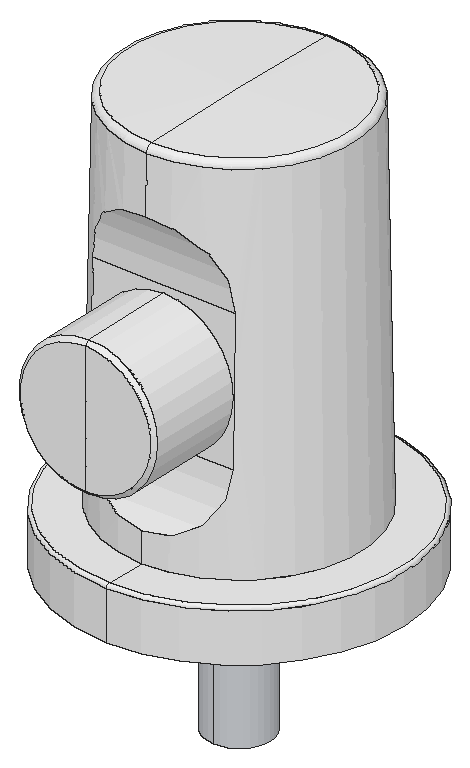
Revit family "Grohe_PlumbingFixture_Rainshower_ShowerOutletElbow_27076000a", category Plumbing Fixtures, host Face, Revit 2018
Family settings
  Host = Face
  Round Connector Dimension = Use Diameter
  Part Type = Normal
  OmniClass Number = 23.65.00.00
  OmniClass Title = Supply and Distribution of Liquids and Gases
  Cut with Voids When Loaded = No
  Shared = No
  Room Calculation Point = No
Parameters (values of type "27076000")
  _ObjectUserGuide = "www.bimstore.co"
  _DistributedBy = "www.bimstore.co"
  _CurrentRevision = 1
  _CreatedBy = "www.bimstore.co"
  _BimSpecGuid = 0
  _BSBibleVersion = 16
  _AuthorizedBy = "bimstore"
  _Author = "RL"
  WarrantyStartDate [instance] = "Please record on commissioning."
  WarrantyGuarantorParts = "info-uk@grohe.com"
  WarrantyGuarantorLabor = "info-uk@grohe.com"
  WarrantyDurationUnit = "Years"
  WarrantyDurationParts = "0"
  WarrantyDurationLabor = "0"
  WarrantyDescription = "n/a"
  URL = "www.grohe.com"
  TypeName = "RAINSHOWER - SHOWER OUTLET ELBOW"
  Type Comments = "SHOWER OUTLET ELBOW"
  SpareParts = "info-uk@grohe.com"
  Size = "n/a"
  Shape = "n/a"
  SerialNumber [instance] = "Please record on commissioning."
  ReplacementCost = "n/a"
  ReferencedStandard = "n/a"
  ProductionYear = "2020"
  ProductPageURL = "https://www.grohe.co.uk/en_gb/rainshower-shower-outlet-elbow-27076000.html"
  ProductDocumentationLink = "n/a"
  PercentageOfRecycledContent = "n/a"
  NominalLength = 0 mm
  NominalHeight = 0 mm
  NominalDepth = 0 mm
  NBSReference = "n/a"
  NBSOfficeMasterTag = "n/a"
  NBSObjectName = "n/a"
  NBSNote = ""
  NBSDescription = "n/a"
  ModelReference = "RAINSHOWER - SHOWER OUTLET ELBOW"
  ModelNumber = "27076000"
  Model = "RAINSHOWER"
  Material = "n/a"
  MasterformatTitle = "Sanitary Facilities"
  MasterformatNumber = "01 52 19"
  ManufacturerName = "Grohe"
  Manufacturer = "Grohe"
  LowEmittingMaterial = no
  LEEDCredit = "n/a"
  Keynote = "N13"
  InstallationDate [instance] = "Please record on commissioning."
  IndustryStandards = "n/a"
  IfcExportType = "IfcPipeFittingType"
  IfcExportAs = "IfcPipeFitting"
  HotWaterConnectionDiameter = 10 mm
  HWFU = 4.5
  Grade = "n/a"
  Finish = "n/a"
  Features = "male thread \r\nwith square escutcheon \r\nprotected against backflow \r\nGROHE StarLight chrome finish"
  FaucetMaterial = Grohe-Chrome
  ExpectedLife = 0
  Ecojoy = no
  DurationUnit = "Years"
  DocumentationTechnical = "www.grohe.co.uk/"
  DocumentationMaintenance = "www.grohe.co.uk/"
  DocumentationLiterature = "www.grohe.co.uk/"
  DocumentationInstallationGuide = "www.grohe.co.uk/"
  DocumentationCertificates = "www.grohe.co.uk/"
  Description = "n/a"
  Default Elevation = 0 mm
  CreatedOn = "2020-03-01T09:00:00"
  CreatedBy = "info-uk@grohe.com"
  Cost = 0
  ContactGrohe = "info-uk@grohe.com"
  Constituents = "n/a"
  Color = "Chrome"
  ColdWaterConnectionDiameter = 10 mm
  CodePerformance = "n/a"
  ClassificationValue = "n/a"
  ClassificationName = "Uniclass 2015"
  CWFU = 0
  BarCode [instance] = "Please record on commissioning."
  BIMObjectName = "Grohe_PlumbingFixture_Rainshower_ShowerOutletElbow_27076000"
  AssetType = "Fixed"
  AssetIdentifier [instance] = "Please record on commissioning."
  Assembly Code = "D2010"
  AccessibilityPerformance = "n/a"
  ADACompliant = no
Reference planes
  plane 1 "Center (Front/Back)": y = 0
  plane 2: z = 0
  plane 3 "Center (Left/Right)": x = 0
Forms (mm)
  Revolve 1, solid, material "Grohe-Chrome" <- "FaucetMaterial"
    sketch origin (0, 0, 0) x (0, 1, 0) y (0, 0, 1)
      loop
        line (0, 64.096) -> (0, 0) -> (25, 0) -> (25, 7.3)
        arc (25, 7.3) -> (24.854, 7.654) -> (24.5, 7.8) r 0.5
        line (24.5, 7.8) -> (18.43, 7.8) -> (17.469, 62.842)
        arc (17.469, 62.842) -> (17.182, 63.526) -> (16.503, 63.824) r 1
        arc (16.503, 63.824) -> (8.252, 64.028) -> (0, 64.096) r 500
      axis (0, 0) -> (0, 64.096)
    angle from 0 to 360
  Revolve 2, solid, material "Grohe-Chrome" <- "FaucetMaterial"
    sketch origin (0, 0, 0) x (0, 1, 0) y (0, 0, 1)
      loop
        line (-29, 32) -> (0, 32) -> (0, 42.477) -> (-28.371, 42.477) -> (-29, 41.849) -> (-29, 32)
      axis (0, 32) -> (-29, 32)
    angle from 0 to 360
  Extrusion 3, void
    sketch origin (0, 0, 0) x (0, 1, 0) y (0, 0, 1)
      loop
        arc (-14.113, 43.568) -> (-15.264, 50.18) -> (-18.835, 55.863) r 17.382
        line (-18.835, 55.863) -> (-19.828, 10.491)
        arc (-19.828, 10.491) -> (-16.012, 16.012) -> (-14.573, 22.568) r 17.382
        line (-14.573, 22.568) -> (-14.113, 43.568)
    from -20 to 20
  Sweep 4, solid
    path in 3D
      loop
        line (0, 0, 0) -> (0, 0, -22.649)
    profile origin (0, 0, -11.324) x (0, -1, 0) y (1, 0, 0)
      loop
        circle (0, 0) r 4.75
Cuts and joins
  Extrusion 3 cuts Revolve 1
  joined: Revolve 1, Revolve 2
Lines and regions (mm)
  sketch lines
    curve 1: line (0, 0, 0) -> (0, 0, -22.649)
Dimensions and locks
  aligned and locked: plane 2 to host face
  aligned and locked: level to host face
Connectors
  piping at (0, 0, -22.649), diameter 10, driven by "HWFU"
    settings: on Sweep 4, index 23, connector inside diameter 609.6 mm, connector length 0 mm, flow factor 0, pipe flow 0.0 L/s, pressure drop 0.0 Pa, fitting loss kfactor 0, connector angle 0.00°, fixture units 4.5, engagement length 0 mm, angle of deflection 0.00°, flow configuration 3, flow direction 1, fitting loss method 4, system type 19, joint type 0, gender type 0, connector reference index -1, connector utility 0, adjustable connector no, is connector primary yes, connector description ""
